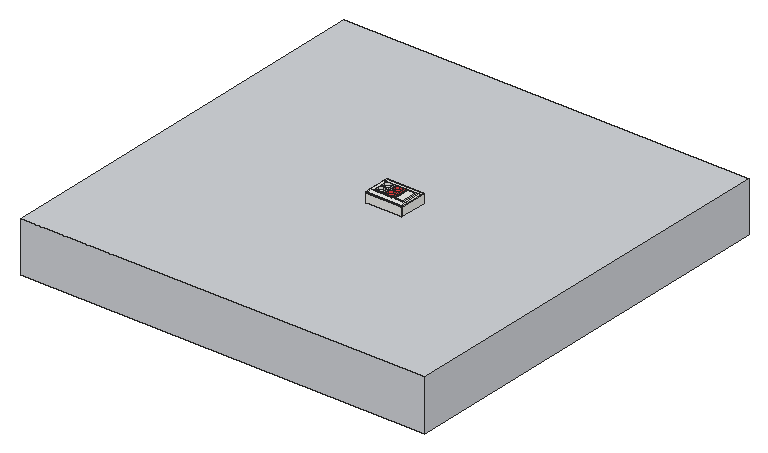
Revit family "Mechanism_Kit-Simon-500_CIMA", category Electrical Fixtures, host Face, Revit 2014
Parameters (values of type "3 Modules, Surface wall")
  n = 2
  e4 = Double Data : Double Data
  e2 = Null Connect : Null Connect
  Width = 220 mm
  Voltage [instance] = 250 V
  Voice and data connectors type = "RJ45"
  URL = "http://www.simon.es/images/stories/simon/descargas/descargas_catalogos/catalogo_simon_cima_500.pdf"
  Technical data sheet = "http://www.simon.es/images/Simon_500_cima_english_techdoc.pdf"
  Series = "Simon 500 CIMA"
  RJ45 compatibility figure = "Keystone I, II and Systimax"
  RAL Color = "9003 Signal white"
  Protection against solid and liquid bodies = "IP40"
  Protection against impacts = "IK07"
  Overall dimensions = "223 x 167 mm"
  Model = "51000302-030"
  Manufacturing material = "Halogen-free thermoplastic to guarantee non-propagation of flames in the event of a fire"
  Load Classification [instance] = Power
  Kit Material = 9003 Signal white
  Frame Type = Frame Connect : Frame Connect
  Frame Offset = 50 mm
  Manufacturer = "SIMON"
  Element Material = 9003 Signal white
  Default Elevation = 1219.2 mm
  Description = "UPS workstation surface wall box kit with 1 double Schuko outlet, 1 double UPS Schuko outlet and 2 V&D plates for 1 RJ45 connector."
  D4 = 63 mm * n  # 126 mm
  D3 = 63 mm * (n - 1)  # 63 mm
  Cutting Length [instance] = 63 mm * n + 74 mm  # 200 mm
  Cutting Depth [instance] = Frame Offset - 50 mm  # 0 mm
  Current = 16 A
  Cost = 60.69
  Box depth = 50 mm
  Box Type = Electrical_Box-Surface-Simon-500_Cima : 3 Modules
Types (6, lengths in mm): name | n | e4 | e2 | Width | RAL Color | Protection against impacts | Overall dimensions | Model | Manufacturing material | Kit Material | Frame Type | Frame Offset | Element Material | Description | D4 | D3 | Cutting Length | Cutting Depth | Cost | Box depth | Box Type
  3 Modules, Surface wall | 2 | Double Data : Double Data | Null Connect : Null Connect | 220 | "9003 Signal white" | "IK07" | "223 x 167 mm" | "51000302-030" | "Halogen-free thermoplastic to guarantee non-propagation of flames in the event of a fire" | 9003 Signal white | Frame Connect : Frame Connect | 50 | 9003 Signal white | "UPS workstation surface wall box kit with 1 double Schuko outlet, 1 double UPS Schuko outlet and 2 V&D plates for 1 RJ45 connector." | 126 | 63 | 200 | 0 | 60.69 | 50 | Electrical_Box-Surface-Simon-500_Cima : 3 Modules
  4 Modules, Surface wall | 3 | Double Data-Voice : Double Data-Voice | Double Schuko : Double Schuko | 283 | "9003 Signal white" | "IK07" | "286 x 167 mm" | "51000401-030" | "Halogen-free thermoplastic to guarantee non-propagation of flames in the event of a fire" | 9003 Signal white | Frame Connect : Frame Connect | 50 | 9003 Signal white | "UPS workstation surface wall box kit with 2 double Schuko outlets, 1 double UPS Schuko outlet and 2 V&D plates for 2 RJ45 connectors." | 189 | 126 | 263 | 0 | 84.83 | 50 | Electrical_Box-Surface-Simon-500_Cima : 4 Modules
  3 Modules, Flush mounting wall | 2 | Double Data : Double Data | Null Connect : Null Connect | 220 | "9003 Signal white" | "IK07" | "220 x 164 mm" | "51000302-030" | "Halogen-free thermoplastic to guarantee non-propagation of flames in the event of a fire" | 9003 Signal white | Frame Connect : Frame Connect | 0 | 9003 Signal white | "UPS workstation flush mounting wall box kit with 1 double Schuko outlet, 1 double UPS Schuko outlet and 2 V&D plates for 1 RJ45 connector." | 126 | 63 | 200 | -50 | 63.71 | 50 | Electrical_Box-Flush_Mounting-Simon-500_Cima : 3 Modules
  4 Modules, Flush mounting wall | 3 | Double Data-Voice : Double Data-Voice | Double Schuko : Double Schuko | 283 | "9003 Signal white" | "IK07" | "284 x 164 mm" | "51000401-030" | "Halogen-free thermoplastic to guarantee non-propagation of flames in the event of a fire" | 9003 Signal white | Frame Connect : Frame Connect | 0 | 9003 Signal white | "UPS workstation flush mounting wall box kit with 2 double Schuko outlets, 1 double UPS Schuko outlet and 2 V&D plates for 2 RJ45 connectors." | 189 | 126 | 263 | -50 | 88.06 | 50 | Electrical_Box-Flush_Mounting-Simon-500_Cima : 4 Modules
  3 Modules, Flush mounting wall, Metal | 2 | Double Data : Double Data | Null Connect : Null Connect | 226 | "" | "IK10" | "226 x 170 mm" | "51002302-036" | "Manufacturing material: Aluminium structure and stainless steel frame (AISI 430 ferritic stainless steel type)" | Stainless Steel, Brushed | Frame Connect Metal : Frame Connect Metal | 0 | Grey Finish | "UPS workstation flush mounting metal wall box kit with 1 double Schuko outlet, 1 double UPS Schuko outlet and 2 V&D plates for 1 RJ45 connector." | 126 | 63 | 200 | -50 | 104.57 | 57 | Null Connect : Null Connect
  3 Modules, Surface wall, Metal | 2 | Double Data : Double Data | Null Connect : Null Connect | 208 | "" | "IK10" | "223 x 167 mm" | "51001302-036" | "Aluminium structure and stainless steel frame (AISI 430 ferritic stainless steel type)" | Stainless Steel, Brushed | Frame Connect Metal Surface : Frame Connect Metal Surface | 56.5 | Grey Finish | "UPS workstation surface metal wall box kit with 1 double Schuko outlet, 1 double UPS Schuko outlet and 2 V&D plates for 1 RJ45 connector." | 126 | 63 | 200 | 6.5 | 60.69 | 50 | Null Connect : Null Connect
Reference planes
  plane 1 "Centro (Frontal/Posterior)": y = 0
  plane 2: z = 0
  plane 3 "Centro (Izquierda/Derecha)": x = 0
  plane 4 "Offset": z = 50
  plane 5: x = -37
  plane 6: x = 163
  plane 7: y = -72
  plane 8: y = 72
Forms (mm)
  Extrusion 1, solid
    sketch origin (0, 0, 0) x (1, 0, 0) y (0, 1, 0)
      loop
        line (-1219.2, 1219.2) -> (-1219.2, -1219.2) -> (1219.2, -1219.2) -> (1219.2, 1219.2) -> (-1219.2, 1219.2)
    from 0 to -304.8
  Extrusion 2, void
    sketch origin (0, 0, 0) x (1, 0, 0) y (0, 1, 0)
      loop
        line (-37, 72) -> (-37, -72) -> (163, -72) -> (163, 72) -> (-37, 72)
    from 0 <- "Cutting Depth" to 25.601
Dimensions and locks
  "Frame Offset": plane 4 "Offset" to level
  "D4": plane 3 "Centro (Izquierda/Derecha)" to nested 5
  "D3": plane 3 "Centro (Izquierda/Derecha)" to nested 4
  locked: plane 5 to plane 3 "Centro (Izquierda/Derecha)" at 37
  "Cutting Length": plane 5 to plane 6
  aligned and locked: plane 2 to Extrusion 1
  aligned and locked: level to Extrusion 1
  aligned and locked: Extrusion 2 sketch curve to plane 8
  aligned and locked: plane 5 to Extrusion 2 sketch curve
  aligned and locked: plane 7 to Extrusion 2 sketch curve
  aligned and locked: Extrusion 2 sketch curve to plane 6
Automatic sketch dimensions
  Extrusion 1 sketch curve to Extrusion 1 sketch curve = 2438.4 mm  (x2)
Nested families
  nested 1: "Frame Connect" at (0, 0, 50), Frame Meterial <- "Kit Material", Frame Width <- "Width", type <- "Frame Type", built-in parameter 1001364 <- "Frame Offset", type "Frame Connect"
    with h4 -30 mm, Frame Width 220 mm, Frame Meterial 9003 Signal white
  nested 2: "Double Schuko" at (0, 0, 50), Schuko Material <- "Element Material", type "Double Schuko"
    with Schuko Material 9003 Signal white
  nested 3: "Null Connect" at (63, 0, 50), Schuko Material <- "Element Material", type <- "e2", type "Null Connect"
    with Schuko Material 9003 Signal white
  nested 4: "Double Schuko" at (63, 0, 50), type "Double Schuko"
    with Schuko Material SAI
  nested 5: "Double Data" at (126, 0, 50), Data-Voice Material <- "Element Material", type <- "e4", type "Double Data"
    with Data-Voice Material 9003 Signal white
  nested 6: "Schuko_Socket-outlet-Simon-Kit_500_Cima" at (0, -25, 50), type "Schuko_Socket-outlet-Simon-Kit_500_Cima"
  nested 7: "Schuko_Socket-outlet-Simon-Kit_500_Cima" at (0, 25, 50), type "Schuko_Socket-outlet-Simon-Kit_500_Cima"
  nested 8: "Schuko_Socket-outlet-Simon-Kit_500_Cima" at (63, -25, 50), type "Schuko_Socket-outlet-Simon-Kit_500_Cima"
  nested 9: "Schuko_Socket-outlet-Simon-Kit_500_Cima" at (63, 25, 50), type "Schuko_Socket-outlet-Simon-Kit_500_Cima"
  nested 10: "V&D_Plates-outlet-Simon-Kit_500_Cima" at (126, 24.776, 50), type "V&D_Plates-outlet-Simon-Kit_500_Cima"
  nested 11: "V&D_Plates-outlet-Simon-Kit_500_Cima" at (126, -25.224, 50), type "V&D_Plates-outlet-Simon-Kit_500_Cima"
  nested 12: "Electrical_Box-Surface-Simon-500_Cima" at (0, 0, 0), type <- "Box Type", type "3 Modules"
Definition of nested family "Frame Connect"
  Parameters (values of type "Frame Connect")
    h4 [instance] = if(Frame Width > 220 mm, 30 mm, -30 mm)  # 30 mm
    Frame Width [instance] = 283 mm
    Frame Meterial [instance] = none
  Reference planes
    plane 1 "Centro (Frontal/Posterior)": y = 0
    plane 2: z = 0
    plane 3 "Centro (Izquierda/Derecha)": x = 0
    plane 4: x = -47
    plane 5 "Inner Right": x = 230.092
    plane 6: x = 236
    plane 7: y = 81.923
    plane 8: y = -81.923
    plane 9: y = -79
    plane 10: x = -41.092
  Forms (mm)
    Extrusion 1, solid, material <- "Frame Meterial", detail levels fine
      sketch origin (0, 0, -48.199) x (0, 1, 0) y (0, 0, 1)
        loop
          arc (50.035, 58.06) -> (0, 58.84) -> (-50.035, 58.06) r 1605.88
          arc (-50.035, 58.06) -> (-64.621, 56.841) -> (-79, 54.107) r 140.14
          line (-79, 54.107) -> (-79, 48.199) -> (79, 48.199) -> (79, 54.107)
          arc (79, 54.107) -> (64.621, 56.841) -> (50.035, 58.06) r 140.14
      from -41.092 to 230.092
    Sweep 2, solid, material <- "Frame Meterial", detail levels fine
      path origin (230.092, -1524, 38.171) x (0, 0, 1) y (0, -1, 0)
        loop
          arc (-34.282, -1610.368) -> (-30.097, -1592.398) -> (-28.31, -1574.035) r 140.14
          arc (-28.31, -1574.035) -> (-27.53, -1524) -> (-28.31, -1473.965) r 1605.88
          arc (-28.31, -1473.965) -> (-30.097, -1455.602) -> (-34.282, -1437.632) r 140.14
      profile origin (230.092, 0, 10.641) x (0, 0, -1) y (1, 0, 0)
        loop
          line (0, 0) -> (5.908, 0) -> (5.908, 5.908)
          arc (5.908, 5.908) -> (1.73, 4.177) -> (0, 0) r 5.908
    Extrusion 3, void
      sketch origin (0, 0, 0) x (1, 0, 0) y (0, 1, 0)
        loop
          arc (-23, 50) -> (-24.414, 49.414) -> (-25, 48) r 2
          line (-25, 48) -> (-25, -48)
          arc (-25, -48) -> (-24.414, -49.414) -> (-23, -50) r 2
          line (-23, -50) -> (23, -50)
          arc (23, -50) -> (24.414, -49.414) -> (25, -48) r 2
          line (25, -48) -> (25, 48)
          arc (25, 48) -> (24.414, 49.414) -> (23, 50) r 2
          line (23, 50) -> (-23, 50)
      from -10 to 30
    Extrusion 4, void
      sketch origin (63, 0, 0) x (1, 0, 0) y (0, 1, 0)
        loop
          arc (-23, 50) -> (-24.414, 49.414) -> (-25, 48) r 2
          line (-25, 48) -> (-25, -48)
          arc (-25, -48) -> (-24.414, -49.414) -> (-23, -50) r 2
          line (-23, -50) -> (23, -50)
          arc (23, -50) -> (24.414, -49.414) -> (25, -48) r 2
          line (25, -48) -> (25, 48)
          arc (25, 48) -> (24.414, 49.414) -> (23, 50) r 2
          line (23, 50) -> (-23, 50)
      from -10 to 30
    Extrusion 5, void
      sketch origin (126, 0, 0) x (1, 0, 0) y (0, 1, 0)
        loop
          arc (40, 50) -> (38.586, 49.414) -> (38, 48) r 2
          line (38, 48) -> (38, -48)
          arc (38, -48) -> (38.586, -49.414) -> (40, -50) r 2
          line (40, -50) -> (86, -50)
          arc (86, -50) -> (87.414, -49.414) -> (88, -48) r 2
          line (88, -48) -> (88, 48)
          arc (88, 48) -> (87.414, 49.414) -> (86, 50) r 2
          line (86, 50) -> (40, 50)
      from -31.702 to 30
    Extrusion 6, solid, material <- "Frame Meterial", detail levels fine
      sketch origin (230.092, -1524, 38.171) x (0, 0, 1) y (0, -1, 0)
        loop
          arc (-34.215, -1474.149) -> (-35.431, -1459.828) -> (-38.171, -1445.72) r 134.232
          line (-38.171, -1445.72) -> (-38.171, -1602.28)
          arc (-38.171, -1602.28) -> (-35.431, -1588.172) -> (-34.215, -1573.851) r 134.232
          arc (-34.215, -1573.851) -> (-33.438, -1524) -> (-34.215, -1474.149) r 1599.972
      from 0 to 5.908
    Extrusion 7, solid, material <- "Frame Meterial", detail levels fine
      sketch origin (-41.092, -1524, 38.171) x (0, 0, 1) y (0, 1, 0)
        loop
          arc (-34.215, 1474.149) -> (-33.438, 1524) -> (-34.215, 1573.851) r 1599.972
          arc (-34.215, 1573.851) -> (-35.431, 1588.172) -> (-38.171, 1602.28) r 134.232
          line (-38.171, 1602.28) -> (-38.171, 1445.72)
          arc (-38.171, 1445.72) -> (-35.431, 1459.828) -> (-34.215, 1474.149) r 134.232
      from 0 to 5.908
    Sweep 8, solid, material <- "Frame Meterial", detail levels fine
      path origin (-41.092, -1524, 38.171) x (0, 0, 1) y (0, 1, 0)
        loop
          arc (-34.282, 1610.368) -> (-30.097, 1592.398) -> (-28.31, 1574.035) r 140.14
          arc (-28.31, 1574.035) -> (-27.53, 1524) -> (-28.31, 1473.965) r 1605.88
          arc (-28.31, 1473.965) -> (-30.097, 1455.602) -> (-34.282, 1437.632) r 140.14
      profile origin (-41.092, 0, 10.641) x (0, 0, 1) y (-1, 0, 0)
        loop
          arc (0, 0) -> (-1.73, 4.177) -> (-5.908, 5.908) r 5.908
          line (-5.908, 5.908) -> (-5.908, 0) -> (0, 0)
    Extrusion 9, void
      sketch origin (0, 0, 0) x (0, 1, 0) y (0, 0, 1)
        loop
          line (79, 11.558) -> (79, 0) -> (-79, 0) -> (-79, 11.558) -> (-89, 11.558) -> (-89, -8.442) -> (89, -8.442) -> (89, 11.558) -> (79, 11.558)
      from -55.346 to 250
    Extrusion 10, void
      sketch origin (126, 0, 0) x (1, 0, 0) y (0, 1, 0)
        loop
          arc (-23, 50) -> (-24.414, 49.414) -> (-25, 48) r 2
          line (-25, 48) -> (-25, -48)
          arc (-25, -48) -> (-24.414, -49.414) -> (-23, -50) r 2
          line (-23, -50) -> (23, -50)
          arc (23, -50) -> (24.414, -49.414) -> (25, -48) r 2
          line (25, -48) -> (25, 48)
          arc (25, 48) -> (24.414, 49.414) -> (23, 50) r 2
          line (23, 50) -> (-23, 50)
      from -10 to 30
    Sweep 11, solid, material <- "Frame Meterial", detail levels fine
      path origin (0, 0, 0) x (1, 0, 0) y (0, 0, 1)
        loop
          arc (-46.988, 0) -> (-45.265, 4.177) -> (-41.092, 5.908) r 5.896
          line (-41.092, 5.908) -> (230.092, 5.908)
          arc (230.092, 5.908) -> (234.27, 4.177) -> (236, 0) r 5.908
      profile origin (94.5, 0, 5.908) x (0, 0, 1) y (0, -1, 0)
        loop
          line (0, -79) -> (-2.923, -79) -> (-2.923, -81.923) -> (0, -79)
        loop
          line (0, 79) -> (-2.923, 81.923) -> (-2.923, 79) -> (0, 79)
    Extrusion 12, solid, material <- "Frame Meterial", detail levels fine
      sketch origin (0, 0, 0) x (1, 0, 0) y (0, 0, 1)
        loop
          line (-44.065, 0) -> (233.077, 0)
          arc (233.077, 0) -> (232.203, 2.111) -> (230.092, 2.985) r 2.985
          line (230.092, 2.985) -> (-41.092, 2.985)
          arc (-41.092, 2.985) -> (-43.199, 2.11) -> (-44.065, 0) r 2.973
      from 79 to 81.923
    Extrusion 13, solid, material <- "Frame Meterial", detail levels fine
      sketch origin (0, 0, 0) x (1, 0, 0) y (0, 0, 1)
        loop
          line (230.092, 2.985) -> (-41.092, 2.985)
          arc (-41.092, 2.985) -> (-43.197, 2.112) -> (-44.065, 0.006) r 2.973
          line (-44.065, 0.006) -> (233.077, 0.006)
          arc (233.077, 0.006) -> (232.201, 2.113) -> (230.092, 2.985) r 2.985
      from -81.923 to -79
    Extrusion 14, solid, detail levels medium
      sketch origin (0, 0, 0) x (1, 0, 0) y (0, 1, 0)
        loop
          line (-47, 81.923) -> (-47, -81.923) -> (236, -81.923) -> (236, 81.923) -> (-47, 81.923)
      from 0 to 10
  Cuts and joins
    Extrusion 3, Extrusion 4, Extrusion 5, Extrusion 9, Extrusion 10 cuts Extrusion 1
    Extrusion 3, Extrusion 4, Extrusion 5, Extrusion 9, Extrusion 10 cuts Sweep 2
    Extrusion 9, Extrusion 10 cuts Extrusion 6
    Extrusion 9, Extrusion 10 cuts Extrusion 7
    Extrusion 9, Extrusion 10 cuts Sweep 8
    joined: Extrusion 1, Sweep 2, Extrusion 6, Extrusion 7, Sweep 8
    Extrusion 3, Extrusion 4, Extrusion 5, Extrusion 10 cuts Extrusion 14
  Lines and regions (mm)
    model lines, style "Frame", detail levels coarse
      curve 1: line (-47, 81.923, 0) -> (236, 81.923, 0)
      curve 2: line (-47, -81.923, 0) -> (-47, 81.923, 0)
      curve 3: line (236, -81.923, 0) -> (-47, -81.923, 0)
      curve 4: line (236, 81.923, 0) -> (236, -81.923, 0)
  Dimensions and locks
    locked: plane 5 "Inner Right" to plane 6 at 5.908
    locked: plane 4 to plane 3 "Centro (Izquierda/Derecha)" at 47
    "Frame Width": plane 4 to plane 6
    aligned and locked: level to plane 2
    aligned and locked: plane 5 "Inner Right" to Extrusion 1
    aligned and locked: Extrusion 6 to cut or joined group 1 (Extrusion 1, Sweep 2, Extrusion 3, Extrusion 4, Extrusion 5, Extrusion 6, Extrusion 7, Sweep 8, Extrusion 9, Extrusion 10)
    aligned and locked: Extrusion 12 sketch curve to Sweep 11  (x2)
    aligned and locked: Extrusion 12 to cut or joined group 1
    aligned and locked: Extrusion 13 sketch curve to Sweep 11  (x3)
    aligned and locked: Extrusion 13 to Sweep 11
    aligned and locked: Extrusion 13 to cut or joined group 1
    aligned and locked: Extrusion 14 sketch curve to plane 7
    aligned and locked: plane 4 to Extrusion 14 sketch curve
    aligned and locked: plane 8 to Extrusion 14 sketch curve
    aligned and locked: Extrusion 14 sketch curve to plane 6
    aligned and locked: curve 1 to cut or joined group of Extrusion 3, Extrusion 4, Extrusion 5, Extrusion 10, Extrusion 14
    aligned and locked: curve 2 to cut or joined group of Extrusion 3, Extrusion 4, Extrusion 5, Extrusion 10, Extrusion 14
    aligned and locked: curve 3 to cut or joined group of Extrusion 3, Extrusion 4, Extrusion 5, Extrusion 10, Extrusion 14
    aligned and locked: curve 4 to cut or joined group of Extrusion 3, Extrusion 4, Extrusion 5, Extrusion 10, Extrusion 14
  Automatic sketch dimensions
    Extrusion 1 sketch curve to level = 0 mm
    Extrusion 1 sketch curve to plane 9 = 0 mm  (x2)
    Extrusion 1 sketch curve to plane 1 "Centro (Frontal/Posterior)" = 0 mm
    Extrusion 1 sketch curve to plane 7 = 2.923 mm
    level to Extrusion 1 sketch curve = 9.861 mm  (x2)
    plane 9 to Extrusion 1 sketch curve = 28.965 mm
    Extrusion 1 sketch curve to Extrusion 1 sketch curve = 0 mm  (x4)
    plane 9 to Extrusion 1 sketch curve = 33.332 mm
    Extrusion 1 sketch curve to plane 7 = 36.254 mm
    Extrusion 1 sketch curve to Extrusion 1 sketch curve = 28.965 mm
    Extrusion 1 sketch curve to level = 1595.239 mm
    Sweep 2 sketch curve to plane 1 "Centro (Frontal/Posterior)" = 0 mm
    Sweep 2 sketch curve to level = 1595.239 mm
    plane 9 to Sweep 2 sketch curve = 33.332 mm
    Sweep 2 sketch curve to level = 130.21 mm
    Sweep 2 sketch curve to plane 7 = 36.254 mm
    Sweep 2 sketch curve to Sweep 2 sketch curve = 0 mm  (x3)
    level to Sweep 2 sketch curve = 3.889 mm  (x2)
    level to Sweep 2 sketch curve = 9.861 mm
    Sweep 2 sketch curve to plane 5 "Inner Right" = 0 mm
    Sweep 2 sketch curve to profile plane = 0 mm
    plane 5 "Inner Right" to Sweep 2 sketch curve = 5.908 mm
    plane 10 to Extrusion 3 sketch curve = 16.092 mm
    plane 9 to Extrusion 3 sketch curve = 29 mm
    Extrusion 3 sketch curve to Extrusion 3 sketch curve = 2 mm  (x3)
    plane 3 "Centro (Izquierda/Derecha)" to Extrusion 3 sketch curve = 23 mm  (x2)
    Extrusion 3 sketch curve to plane 7 = 33.923 mm
    plane 3 "Centro (Izquierda/Derecha)" to Extrusion 4 sketch curve = 38 mm
    plane 9 to Extrusion 4 sketch curve = 29 mm
    Extrusion 4 sketch curve to Extrusion 4 sketch curve = 2 mm  (x3)
    Extrusion 4 sketch curve to Extrusion 4 sketch curve = 46 mm  (x2)
    Extrusion 4 sketch curve to plane 7 = 33.923 mm
    plane 9 to Extrusion 5 sketch curve = 31 mm
    Extrusion 5 sketch curve to plane 5 "Inner Right" = 66.092 mm
    plane 9 to Extrusion 5 sketch curve = 29 mm
    Extrusion 5 sketch curve to Extrusion 5 sketch curve = 2 mm  (x2)
    Extrusion 5 sketch curve to plane 5 "Inner Right" = 18.092 mm  (x2)
    Extrusion 5 sketch curve to plane 7 = 33.923 mm
    Extrusion 6 sketch curve to level = 0 mm
    Extrusion 6 sketch curve to plane 7 = 3.643 mm
    Extrusion 6 sketch curve to plane 1 "Centro (Frontal/Posterior)" = 0 mm
    Extrusion 6 sketch curve to level = 1595.239 mm
    Extrusion 6 sketch curve to plane 7 = 36.254 mm
    Extrusion 6 sketch curve to level = 130.21 mm
    plane 9 to Extrusion 6 sketch curve = 33.332 mm
    Extrusion 6 sketch curve to Extrusion 6 sketch curve = 0 mm  (x2)
    level to Extrusion 6 sketch curve = 3.956 mm
    Extrusion 7 sketch curve to level = 0 mm
    plane 9 to Extrusion 7 sketch curve = 0.721 mm
    Extrusion 7 sketch curve to plane 1 "Centro (Frontal/Posterior)" = 0 mm
    Extrusion 7 sketch curve to level = 1595.239 mm
    Extrusion 7 sketch curve to plane 7 = 36.254 mm
    Extrusion 7 sketch curve to level = 130.21 mm
    plane 9 to Extrusion 7 sketch curve = 33.332 mm
    Extrusion 7 sketch curve to Extrusion 7 sketch curve = 0 mm  (x2)
    level to Extrusion 7 sketch curve = 3.956 mm
    Sweep 8 sketch curve to plane 1 "Centro (Frontal/Posterior)" = 0 mm
    Sweep 8 sketch curve to level = 1595.239 mm
    plane 9 to Sweep 8 sketch curve = 33.332 mm
    Sweep 8 sketch curve to level = 130.21 mm
    Sweep 8 sketch curve to plane 7 = 36.254 mm
    Sweep 8 sketch curve to Sweep 8 sketch curve = 0 mm  (x3)
    level to Sweep 8 sketch curve = 3.889 mm  (x2)
    level to Sweep 8 sketch curve = 9.861 mm
    profile plane to Sweep 8 sketch curve = 0 mm
    Sweep 8 sketch curve to profile plane = 0 mm
    profile plane to Sweep 8 sketch curve = 5.908 mm
    Extrusion 9 sketch curve to level = 0 mm
    Extrusion 9 sketch curve to plane 9 = 0 mm
    Extrusion 9 sketch curve to level = 8.442 mm
    Extrusion 9 sketch curve to plane 8 = 7.077 mm
    Extrusion 9 sketch curve to plane 7 = 2.923 mm
    plane 7 to Extrusion 9 sketch curve = 7.077 mm
    level to Extrusion 9 sketch curve = 11.558 mm
    Extrusion 9 sketch curve to Extrusion 9 sketch curve = 11.558 mm
    plane 9 to Extrusion 10 sketch curve = 31 mm
    plane 3 "Centro (Izquierda/Derecha)" to Extrusion 10 sketch curve = 101 mm
    plane 9 to Extrusion 10 sketch curve = 29 mm
    Extrusion 10 sketch curve to Extrusion 10 sketch curve = 2 mm  (x2)
    Extrusion 10 sketch curve to Extrusion 10 sketch curve = 46 mm  (x2)
    Extrusion 10 sketch curve to plane 7 = 33.923 mm
    Sweep 11 sketch curve to plane 10 = 0 mm
    Sweep 11 sketch curve to level = 0 mm  (x3)
    Sweep 11 sketch curve to plane 5 "Inner Right" = 0 mm
    Sweep 11 sketch curve to plane 6 = 0 mm
    plane 4 to Sweep 11 sketch curve = 0.012 mm
    profile plane to Sweep 11 sketch curve = 0 mm  (x2)
    profile plane to Sweep 11 sketch curve = 2.923 mm  (x2)
    Sweep 11 sketch curve to plane 1 "Centro (Frontal/Posterior)" = 81.923 mm
    Sweep 11 sketch curve to Sweep 11 sketch curve = 2.923 mm  (x2)
    plane 1 "Centro (Frontal/Posterior)" to Sweep 11 sketch curve = 81.923 mm
    Extrusion 12 sketch curve to level = 0 mm
Definition of nested family "Double Schuko"
  Parameters (values of type "Double Schuko")
    Schuko Material [instance] = none
  Reference planes
    plane 1 "Centro (Frontal/Posterior)": y = 0
    plane 2: z = 0
    plane 3 "Centro (Izquierda/Derecha)": x = 0
  Forms (mm)
    Extrusion 1, solid, material <- "Schuko Material", detail levels fine
      sketch origin (0, 0, 0) x (1, 0, 0) y (0, 1, 0)
        loop
          arc (-23, 50) -> (-24.414, 49.414) -> (-25, 48) r 2
          line (-25, 48) -> (-25, -48)
          arc (-25, -48) -> (-24.414, -49.414) -> (-23, -50) r 2
          line (-23, -50) -> (23, -50)
          arc (23, -50) -> (24.414, -49.414) -> (25, -48) r 2
          line (25, -48) -> (25, 48)
          arc (25, 48) -> (24.414, 49.414) -> (23, 50) r 2
          line (23, 50) -> (-23, 50)
      from 0 to 11
    Extrusion 2, void
      sketch origin (0, 0, 11) x (0, 1, 0) y (1, 0, 0)
        loop
          circle (-24.5, 0) r 22
        loop
          circle (24.5, 0) r 22
      from 0 to 10
    Extrusion 3, solid, detail levels medium
      sketch origin (0, 0, 0) x (1, 0, 0) y (0, 1, 0)
        loop
          line (-25, 50) -> (-25, -50) -> (25, -50) -> (25, 50) -> (-25, 50)
      from 0 to 11
  Cuts and joins
    Extrusion 2 cuts Extrusion 1
  Lines and regions (mm)
    model lines, style "Cover", detail levels fine
      curve 1: circle (6.718, 31.317, 1) r 3 normal (0, 0, -1)
      curve 2: circle (-6.718, 17.882, 1) r 3 normal (0, 0, 1)
      curve 3: circle (6.718, -17.683, 1) r 3 normal (0, 0, -1)
      curve 4: circle (-6.718, -31.118, 1) r 3 normal (0, 0, 1)
    model lines, style "Cover", detail levels coarse
      curve 5: line (-25, 50, 0) -> (25, 50, 0)
      curve 6: line (-25, -50, 0) -> (-25, 50, 0)
      curve 7: line (25, -50, 0) -> (-25, -50, 0)
      curve 8: line (25, 50, 0) -> (25, -50, 0)
  Dimensions and locks
    aligned and locked: level to plane 2
    aligned and locked: curve 5 to cut or joined group of Extrusion 1, Extrusion 2
    aligned and locked: curve 6 to cut or joined group of Extrusion 1, Extrusion 2
    aligned and locked: curve 7 to cut or joined group of Extrusion 1, Extrusion 2
    aligned and locked: curve 8 to cut or joined group of Extrusion 1, Extrusion 2
    aligned and locked: Extrusion 3 sketch curve to curve 5
    aligned and locked: Extrusion 3 sketch curve to curve 6
    aligned and locked: Extrusion 3 sketch curve to curve 7
    aligned and locked: Extrusion 3 sketch curve to curve 8
  Nested families
    nested 1: "Schuko_Socket-outlet-Simon-Kit_500_Cima" at (0, -25, 0), type "Schuko_Socket-outlet-Simon-Kit_500_Cima"
    nested 2: "Schuko_Socket-outlet-Simon-Kit_500_Cima" at (0, 25, 0), type "Schuko_Socket-outlet-Simon-Kit_500_Cima"
  Definition of nested family "Schuko_Socket-outlet-Simon-Kit_500_Cima"
    Parameters (values of type "Schuko_Socket-outlet-Simon-Kit_500_Cima")
      Voltage = 250 V
      Number of poles = 2
      Model = ""
      Load Classification = Power
      Manufacturer = "SIMON"
      Description = "Schuko socket-outlet 16 A 250V"
      Current = 16 A
    Reference planes
      plane 1 "Centro (Frontal/Posterior)": y = 0
      plane 2: z = 0
      plane 3 "Centro (Izquierda/Derecha)": x = 0
    Forms (mm)
      Extrusion 1, solid, detail levels fine
        sketch origin (0, 0, 0) x (1, 0, 0) y (0, 1, 0)
          loop
            line (-25, 25) -> (-25, -25) -> (25, -25) -> (25, 25) -> (-25, 25)
        from -2 to 0
      Extrusion 2, solid, detail levels fine
        sketch origin (0, 0, 0) x (1, 0, 0) y (0, 1, 0)
          loop
            line (-25, 25) -> (-25, -25) -> (25, -25) -> (25, 25) -> (-25, 25)
        from -2 to -25
    Cuts and joins
      joined: Extrusion 1, Extrusion 2
    Dimensions and locks
      aligned and locked: level to plane 2
    Nested families
      nested 1: "Schuko symbol" at (0, 0, 0) x (1, 0, 0) z (0, -1, 0), type "Schuko symbol"
    Connectors
      electrical at (0, 0, 0), driven by "Number of poles", driven by "Load Classification", driven by "Voltage"
        settings: on cut or joined group of Extrusion 1, Extrusion 2, index 1, voltage 250 V, apparent load 0 VA, apparent load phase1 0 VA, apparent load phase2 0 VA, apparent load phase3 0 VA, power factor 1, load classification "Power", number of poles 2, system type 31, power factor state 1, is connector primary yes, connector utility no, sub classification motor no, connector description ""
    Definition of nested family "Schuko symbol"
      Parameters (values of type "Schuko symbol")
        Default Elevation = 1219.2 mm
      Reference planes
        plane 1 "Centro (Frontal/Posterior)": y = 0
        plane 2: z = 0
        plane 3 "Centro (Izquierda/Derecha)": x = 0
      Lines and regions (mm)
        model lines, style "Electrical symbol"
          curve 1: arc (-22.724, 97.902, 0) -> (0, 75, 0) -> (23.079, 97.545, 0) r 22.903
          curve 2: line (-28.976, 68.706, 0) -> (28.991, 68.706, 0)
          curve 3: line (0, 75, 0) -> (0, 47.69, 0)
      Dimensions and locks
        aligned and locked: level to plane 2
Definition of nested family "Double Data"
  Parameters (values of type "Double Data")
    Data-Voice Material [instance] = none
  Reference planes
    plane 1 "Centro (Frontal/Posterior)": y = 0
    plane 2: z = 0
    plane 3 "Centro (Izquierda/Derecha)": x = 0
  Forms (mm)
    Extrusion 1, solid, material <- "Data-Voice Material", detail levels fine
      sketch origin (0, 0, 0) x (1, 0, 0) y (0, 1, 0)
        loop
          arc (-23, 50) -> (-24.414, 49.414) -> (-25, 48) r 2
          line (-25, 48) -> (-25, -48)
          arc (-25, -48) -> (-24.414, -49.414) -> (-23, -50) r 2
          line (-23, -50) -> (23, -50)
          arc (23, -50) -> (24.414, -49.414) -> (25, -48) r 2
          line (25, -48) -> (25, 48)
          arc (25, 48) -> (24.414, 49.414) -> (23, 50) r 2
          line (23, 50) -> (-23, 50)
      from 0 to 11
    Extrusion 2, solid, detail levels medium
      sketch origin (0, 0, 0) x (1, 0, 0) y (0, 1, 0)
        loop
          line (-25, 50) -> (-25, -50) -> (25, -50) -> (25, 50) -> (-25, 50)
      from 0 to 11
  Lines and regions (mm)
    model lines, style "Cover", detail levels fine
      curve 1: line (-25, 0, 11) -> (25, 0, 11)
      curve 2: line (-8, 24.776, 11) -> (8, 24.776, 11)
      curve 3: line (-8, 12.776, 11) -> (-8, 24.776, 11)
      curve 4: line (8, 12.776, 11) -> (-8, 12.776, 11)
      curve 5: line (8, 24.776, 11) -> (8, 12.776, 11)
      curve 6: line (-6, 12.776, 11) -> (-6, 3, 11)
      curve 7: line (-6, 3, 11) -> (6, 3, 11)
      curve 8: line (6, 3, 11) -> (6, 12.776, 11)
      curve 9: line (-8, -25.224, 11) -> (8, -25.224, 11)
      curve 10: line (-8, -37.224, 11) -> (-8, -25.224, 11)
      curve 11: line (8, -37.224, 11) -> (-8, -37.224, 11)
      curve 12: line (8, -25.224, 11) -> (8, -37.224, 11)
      curve 13: line (-6, -37.224, 11) -> (-6, -47, 11)
      curve 14: line (-6, -47, 11) -> (6, -47, 11)
      curve 15: line (6, -47, 11) -> (6, -37.224, 11)
    model lines, style "Cover", detail levels coarse
      curve 16: line (-25, 50, 0) -> (25, 50, 0)
      curve 17: line (-25, -50, 0) -> (-25, 50, 0)
      curve 18: line (25, -50, 0) -> (-25, -50, 0)
      curve 19: line (25, 50, 0) -> (25, -50, 0)
  Dimensions and locks
    aligned and locked: level to plane 2
    aligned and locked: Extrusion 2 sketch curve to Extrusion 1  (x4)
    aligned and locked: curve 16 to Extrusion 2
    aligned and locked: curve 17 to Extrusion 2
    aligned and locked: curve 18 to Extrusion 2
    aligned and locked: curve 19 to Extrusion 2
  Nested families
    nested 1: "V&D_Plates-outlet-Simon-Kit_500_Cima" at (0, 24.776, 0), type "V&D_Plates-outlet-Simon-Kit_500_Cima"
    nested 2: "V&D_Plates-outlet-Simon-Kit_500_Cima" at (0, -25.224, 0), type "V&D_Plates-outlet-Simon-Kit_500_Cima"
  Definition of nested family "V&D_Plates-outlet-Simon-Kit_500_Cima"
    Parameters (values of type "V&D_Plates-outlet-Simon-Kit_500_Cima")
      Width [instance] = 50 mm
      Model = ""
      Manufacturer = "SIMON"
      Description = "V&D plates for RJ45"
    Reference planes
      plane 1 "Centro (Frontal/Posterior)": y = 0
      plane 2: z = 0
      plane 3 "Centro (Izquierda/Derecha)": x = 0
      plane 4: x = -25
      plane 5: x = 25
      plane 6: y = 25
      plane 7: y = -25
    Forms (mm)
      Extrusion 1, solid, detail levels fine
        sketch origin (0, 0, 0) x (1, 0, 0) y (0, 1, 0)
          loop
            line (-25, 25) -> (-25, -25) -> (25, -25) -> (25, 25) -> (-25, 25)
        from -2 to 0
      Extrusion 2, solid, detail levels fine
        sketch origin (0, 0, 0) x (1, 0, 0) y (0, 1, 0)
          loop
            line (-25, 25) -> (-25, -25) -> (25, -25) -> (25, 25) -> (-25, 25)
        from -2 to -25
    Cuts and joins
      joined: Extrusion 1, Extrusion 2
    Dimensions and locks
      "Width": plane 4 to plane 5
      equal spacing: plane 4, plane 3 "Centro (Izquierda/Derecha)", plane 5
      aligned and locked: level to plane 2
    Automatic sketch dimensions
      Extrusion 1 sketch curve to plane 4 = 0 mm
      Extrusion 1 sketch curve to plane 5 = 0 mm
      Extrusion 1 sketch curve to plane 7 = 0 mm
      Extrusion 1 sketch curve to plane 6 = 0 mm
      Extrusion 2 sketch curve to plane 4 = 0 mm
      Extrusion 2 sketch curve to plane 5 = 0 mm
      Extrusion 2 sketch curve to plane 7 = 0 mm
      Extrusion 2 sketch curve to plane 6 = 0 mm
    Nested families
      nested 1: "Data-voice symbol" at (0, 0, 0) x (1, 0, 0) z (0, -1, 0), Width <- "Width", type "Data-voice symbol"
    Connectors
      electrical at (0, 0, 0)
        settings: on cut or joined group of Extrusion 1, Extrusion 2, index 1, voltage 250 V, apparent load 0 VA, apparent load phase1 0 VA, apparent load phase2 0 VA, apparent load phase3 0 VA, power factor 1, load classification "Power", number of poles 2, system type 5, power factor state 1, is connector primary yes, connector utility no, sub classification motor no, connector description ""
    Definition of nested family "Data-voice symbol"
      Parameters (values of type "Data-voice symbol")
        Width [instance] = 50 mm
        Default Elevation = 1219.2 mm
      Reference planes
        plane 1 "Centro (Frontal/Posterior)": y = 0
        plane 2: z = 0
        plane 3 "Centro (Izquierda/Derecha)": x = 0
      Lines and regions (mm)
        model lines, style "Electrical symbol"
          curve 1: line (-25, 110, 0) -> (25, 110, 0)
          curve 2: line (25, 110, 0) -> (25, 40, 0)
          curve 3: line (25, 40, 0) -> (-25, 40, 0)
          curve 4: line (-25, 40, 0) -> (-25, 110, 0)
          curve 5: line (-8, 61.582, 0) -> (8, 61.582, 0)
          curve 6: line (0, 77.582, 0) -> (0, 85.582, 0)
          curve 7: line (-8, 61.582, 0) -> (-8, 77.582, 0)
          curve 8: line (-8, 77.582, 0) -> (8, 77.582, 0)
          curve 9: line (8, 77.582, 0) -> (8, 61.582, 0)
      Dimensions and locks
        "Width": curve 4 to curve 2
        equal spacing: curve 4, plane 3 "Centro (Izquierda/Derecha)", curve 2
        aligned and locked: level to plane 2
      Automatic sketch dimensions
        curve 8 to plane 3 "Centro (Izquierda/Derecha)" = 8 mm
        curve 3 to plane 1 "Centro (Frontal/Posterior)" = 40 mm
        curve 6 to plane 3 "Centro (Izquierda/Derecha)" = 0 mm
        plane 3 "Centro (Izquierda/Derecha)" to curve 5 = 8 mm
        curve 2 to curve 9 = 21.582 mm
        curve 5 to curve 8 = 16 mm
        curve 7 to curve 4 = 32.418 mm
        curve 6 to curve 6 = 8 mm
Definition of nested family "Schuko_Socket-outlet-Simon-Kit_500_Cima"
  Parameters (values of type "Schuko_Socket-outlet-Simon-Kit_500_Cima")
    Voltage = 250 V
    Number of poles = 2
    Model = ""
    Load Classification = Power
    Manufacturer = "SIMON"
    Description = "Schuko socket-outlet 16 A 250V"
    Current = 16 A
  Reference planes
    plane 1 "Centro (Frontal/Posterior)": y = 0
    plane 2: z = 0
    plane 3 "Centro (Izquierda/Derecha)": x = 0
  Forms (mm)
    Extrusion 1, solid, detail levels fine
      sketch origin (0, 0, 0) x (1, 0, 0) y (0, 1, 0)
        loop
          line (-25, 25) -> (-25, -25) -> (25, -25) -> (25, 25) -> (-25, 25)
      from -2 to 0
    Extrusion 2, solid, detail levels fine
      sketch origin (0, 0, 0) x (1, 0, 0) y (0, 1, 0)
        loop
          line (-25, 25) -> (-25, -25) -> (25, -25) -> (25, 25) -> (-25, 25)
      from -2 to -25
  Cuts and joins
    joined: Extrusion 1, Extrusion 2
  Dimensions and locks
    aligned and locked: level to plane 2
  Nested families
    nested 1: "Schuko symbol" at (0, 0, 0) x (1, 0, 0) z (0, -1, 0), type "Schuko symbol"
  Connectors
    electrical at (0, 0, 0), driven by "Number of poles", driven by "Load Classification", driven by "Voltage"
      settings: on cut or joined group of Extrusion 1, Extrusion 2, index 1, voltage 250 V, apparent load 0 VA, apparent load phase1 0 VA, apparent load phase2 0 VA, apparent load phase3 0 VA, power factor 1, load classification "Power", number of poles 2, system type 31, power factor state 1, is connector primary yes, connector utility no, sub classification motor no, connector description ""
  Definition of nested family "Schuko symbol"
    Parameters (values of type "Schuko symbol")
      Default Elevation = 1219.2 mm
    Reference planes
      plane 1 "Centro (Frontal/Posterior)": y = 0
      plane 2: z = 0
      plane 3 "Centro (Izquierda/Derecha)": x = 0
    Lines and regions (mm)
      model lines, style "Electrical symbol"
        curve 1: arc (-22.724, 97.902, 0) -> (0, 75, 0) -> (23.079, 97.545, 0) r 22.903
        curve 2: line (-28.976, 68.706, 0) -> (28.991, 68.706, 0)
        curve 3: line (0, 75, 0) -> (0, 47.69, 0)
    Dimensions and locks
      aligned and locked: level to plane 2
Definition of nested family "V&D_Plates-outlet-Simon-Kit_500_Cima"
  Parameters (values of type "V&D_Plates-outlet-Simon-Kit_500_Cima")
    Width [instance] = 50 mm
    Model = ""
    Manufacturer = "SIMON"
    Description = "V&D plates for RJ45"
  Reference planes
    plane 1 "Centro (Frontal/Posterior)": y = 0
    plane 2: z = 0
    plane 3 "Centro (Izquierda/Derecha)": x = 0
    plane 4: x = -25
    plane 5: x = 25
    plane 6: y = 25
    plane 7: y = -25
  Forms (mm)
    Extrusion 1, solid, detail levels fine
      sketch origin (0, 0, 0) x (1, 0, 0) y (0, 1, 0)
        loop
          line (-25, 25) -> (-25, -25) -> (25, -25) -> (25, 25) -> (-25, 25)
      from -2 to 0
    Extrusion 2, solid, detail levels fine
      sketch origin (0, 0, 0) x (1, 0, 0) y (0, 1, 0)
        loop
          line (-25, 25) -> (-25, -25) -> (25, -25) -> (25, 25) -> (-25, 25)
      from -2 to -25
  Cuts and joins
    joined: Extrusion 1, Extrusion 2
  Dimensions and locks
    "Width": plane 4 to plane 5
    equal spacing: plane 4, plane 3 "Centro (Izquierda/Derecha)", plane 5
    aligned and locked: level to plane 2
  Automatic sketch dimensions
    Extrusion 1 sketch curve to plane 4 = 0 mm
    Extrusion 1 sketch curve to plane 5 = 0 mm
    Extrusion 1 sketch curve to plane 7 = 0 mm
    Extrusion 1 sketch curve to plane 6 = 0 mm
    Extrusion 2 sketch curve to plane 4 = 0 mm
    Extrusion 2 sketch curve to plane 5 = 0 mm
    Extrusion 2 sketch curve to plane 7 = 0 mm
    Extrusion 2 sketch curve to plane 6 = 0 mm
  Nested families
    nested 1: "Data-voice symbol" at (0, 0, 0) x (1, 0, 0) z (0, -1, 0), Width <- "Width", type "Data-voice symbol"
  Connectors
    electrical at (0, 0, 0)
      settings: on cut or joined group of Extrusion 1, Extrusion 2, index 1, voltage 250 V, apparent load 0 VA, apparent load phase1 0 VA, apparent load phase2 0 VA, apparent load phase3 0 VA, power factor 1, load classification "Power", number of poles 2, system type 5, power factor state 1, is connector primary yes, connector utility no, sub classification motor no, connector description ""
  Definition of nested family "Data-voice symbol"
    Parameters (values of type "Data-voice symbol")
      Width [instance] = 50 mm
      Default Elevation = 1219.2 mm
    Reference planes
      plane 1 "Centro (Frontal/Posterior)": y = 0
      plane 2: z = 0
      plane 3 "Centro (Izquierda/Derecha)": x = 0
    Lines and regions (mm)
      model lines, style "Electrical symbol"
        curve 1: line (-25, 110, 0) -> (25, 110, 0)
        curve 2: line (25, 110, 0) -> (25, 40, 0)
        curve 3: line (25, 40, 0) -> (-25, 40, 0)
        curve 4: line (-25, 40, 0) -> (-25, 110, 0)
        curve 5: line (-8, 61.582, 0) -> (8, 61.582, 0)
        curve 6: line (0, 77.582, 0) -> (0, 85.582, 0)
        curve 7: line (-8, 61.582, 0) -> (-8, 77.582, 0)
        curve 8: line (-8, 77.582, 0) -> (8, 77.582, 0)
        curve 9: line (8, 77.582, 0) -> (8, 61.582, 0)
    Dimensions and locks
      "Width": curve 4 to curve 2
      equal spacing: curve 4, plane 3 "Centro (Izquierda/Derecha)", curve 2
      aligned and locked: level to plane 2
    Automatic sketch dimensions
      curve 8 to plane 3 "Centro (Izquierda/Derecha)" = 8 mm
      curve 3 to plane 1 "Centro (Frontal/Posterior)" = 40 mm
      curve 6 to plane 3 "Centro (Izquierda/Derecha)" = 0 mm
      plane 3 "Centro (Izquierda/Derecha)" to curve 5 = 8 mm
      curve 2 to curve 9 = 21.582 mm
      curve 5 to curve 8 = 16 mm
      curve 7 to curve 4 = 32.418 mm
      curve 6 to curve 6 = 8 mm
Definition of nested family "Electrical_Box-Surface-Simon-500_Cima"
  Parameters (values of type "4 Modules")
    Series = "Simon 500 CIMA"
    Model = "51050004-030"
    Frame Width = 283 mm
    Frame Material = 9003 Signal white
    Manufacturer = "SIMON"
    Type Comments = ""
  Types (2, lengths in mm): name | Model | Frame Width
    4 Modules | "51050004-030" | 283
    3 Modules | "51050003-030" | 220
  Reference planes
    plane 1 "Centro (Frontal/Posterior)": y = 0
    plane 2: z = 0
    plane 3 "Centro (Izquierda/Derecha)": x = 0
    plane 4: x = -47
    plane 5 "Inner Right": x = 230.092
    plane 6: x = 236
    plane 7: y = 81.923
    plane 8: y = -81.923
    plane 9: y = -79
    plane 10: x = -41.092
  Forms (mm)
    Extrusion 1, solid, material "9003 Signal white" <- "Frame Material", detail levels coarse+medium
      sketch origin (0, 0, 0) x (1, 0, 0) y (0, 1, 0)
        loop
          line (-47, 81.923) -> (-47, -81.923) -> (236, -81.923) -> (236, 81.923) -> (-47, 81.923)
      from 0 to 50
    Extrusion 2, solid, material "9003 Signal white" <- "Frame Material", detail levels fine
      sketch origin (0, 0, 0) x (1, 0, 0) y (0, 1, 0)
        loop
          line (-44.077, 81.923) -> (-47, 79) -> (-47, -79) -> (-44.077, -81.923) -> (233.077, -81.923) -> (236, -79) -> (236, 79) -> (233.077, 81.923) -> (-44.077, 81.923)
      from 0 to 50
  Lines and regions (mm)
    model lines, style "Frame", detail levels coarse
      curve 1: line (-47, 81.923, 0) -> (236, 81.923, 0)
      curve 2: line (-47, -81.923, 0) -> (-47, 81.923, 0)
      curve 3: line (236, -81.923, 0) -> (-47, -81.923, 0)
      curve 4: line (236, 81.923, 0) -> (236, -81.923, 0)
  Dimensions and locks
    locked: plane 5 "Inner Right" to plane 6 at 5.908
    locked: plane 4 to plane 3 "Centro (Izquierda/Derecha)" at 47
    "Frame Width": plane 4 to plane 6
    aligned and locked: level to plane 2
    aligned and locked: Extrusion 1 sketch curve to plane 7
    aligned and locked: plane 4 to Extrusion 1 sketch curve
    aligned and locked: plane 8 to Extrusion 1 sketch curve
    aligned and locked: Extrusion 1 sketch curve to plane 6
    aligned and locked: curve 1 to Extrusion 2 sketch curve
    aligned and locked: curve 2 to Extrusion 2 sketch curve
    aligned and locked: curve 3 to Extrusion 2 sketch curve
    aligned and locked: curve 4 to Extrusion 2 sketch curve
  Automatic sketch dimensions
    curve 3 to plane 4 = 0 mm
    curve 3 to plane 6 = 0 mm
    curve 3 to plane 8 = 0 mm
    curve 2 to plane 7 = 0 mm
    plane 9 to Extrusion 2 sketch curve = 0 mm
    plane 4 to Extrusion 2 sketch curve = 2.923 mm
    Extrusion 2 sketch curve to plane 9 = 0 mm
    Extrusion 2 sketch curve to plane 6 = 2.923 mm  (x2)
    Extrusion 2 sketch curve to Extrusion 2 sketch curve = 2.923 mm
    Extrusion 2 sketch curve to plane 7 = 2.923 mm  (x2)
Definition of nested family "Null Connect"
  Parameters (values of type "Null Connect")
    Schuko Material [instance] = none
  Reference planes
    plane 1 "Centro (Frontal/Posterior)": y = 0
    plane 2: z = 0
    plane 3 "Centro (Izquierda/Derecha)": x = 0
  Lines and regions (mm)
    model lines, style "Cover", detail levels coarse
      curve 1: line (-25, 50, 0) -> (25, 50, 0)
      curve 2: line (-25, -50, 0) -> (-25, 50, 0)
      curve 3: line (25, -50, 0) -> (-25, -50, 0)
      curve 4: line (25, 50, 0) -> (25, -50, 0)
  Dimensions and locks
    aligned and locked: level to plane 2
